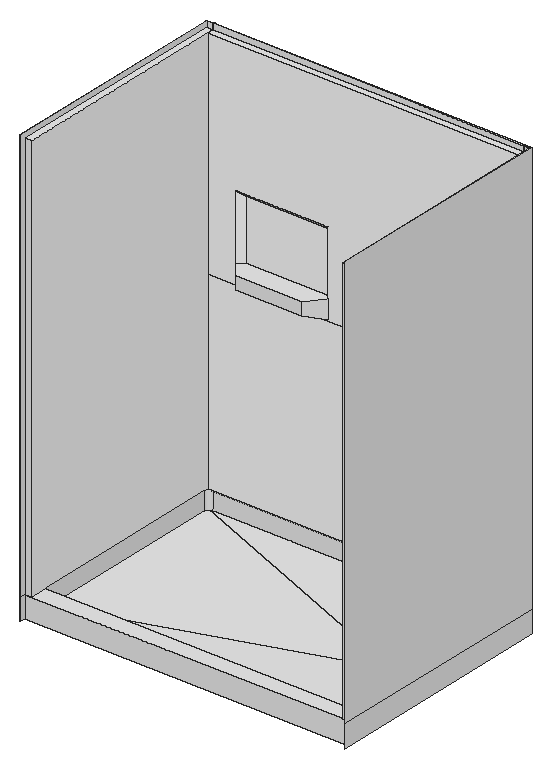
Revit family "5LBS6042.V2 L-R", category Plumbing Fixtures, Revit 2019
Family settings
  Round Connector Dimension = Use Diameter
  Part Type = Normal
  OmniClass Number = 23.45.05.14.17
  OmniClass Title = Showers
  Work Plane-Based = No
  Always vertical = Yes
  Cut with Voids When Loaded = No
  Shared = No
  Room Calculation Point = No
Parameters (values of type "5LBS6042.V2 L/R")
  Unit Width = 60"
  Unit Height = 80 1/2"
  Unit Depth = 43"
  URL = "http://www.bestbath.com/"
  Type Comments = "Remodeler"
  Model = "5LBS6042.V2 L/R"
  Material [instance] = Best Bath Gelcoat Fiberglass - 4x8 Subway Tile
  Manufacturer = "Best Bath Systems, Inc."
  Keynote = "22 40 00.B3"
  Description = "4 x8 Subway Tile"
  Assembly Code = "D2010710"
Reference planes (in)
  plane 1: z = 0
  plane 2 "Left": x = 0
  plane 3: z = 79.5
  plane 4: z = 80.5
  plane 5: y = 4.36165
  plane 6: y = 46.36165
  plane 7: x = 60
  plane 8: y = 45.11165
  plane 9: y = 25.36165
  plane 10: z = 0.375
  plane 11: z = 0.75
  plane 12: z = 39.5
  plane 13: z = 4
  plane 14: y = 3.36165
  plane 15: z = 43.125
  plane 16: x = 51
Forms (in)
  Extrusion 1, solid, material "Best Bath Gelcoat Fiberglass - Smooth"
    sketch origin (0, 0, 0) x (1, 0, 0) y (0, 1, 0)
      loop
        line (0, 4.36165) -> (60, 4.36165) -> (60, 46.36165) -> (0, 46.36165) -> (0, 4.36165)
      loop
        circle (51, 25.36165) r 1.625
    from 0 to 0.75
  Extrusion 2, solid, material "Best Bath Gelcoat Fiberglass - Smooth"
    sketch origin (0, 0, 0) x (1, 0, 0) y (0, 1, 0)
      loop
        line (1.25, 46.36165) -> (1.25, 45.11165) -> (58.75, 45.11165) -> (58.75, 46.36165) -> (1.25, 46.36165)
    from 4 to 39.5
  Blend 3, void
    base sketch origin (0, 0, 0) x (1, 0, 0) y (0, 1, 0)
      loop
        line (1.25, 8.38049) -> (58.75, 8.38049) -> (58.75, 45.11165) -> (1.25, 45.11165) -> (1.25, 8.38049)
    top sketch origin (0, 0, 0) x (1, 0, 0) y (0, 1, 0)
      loop
        circle (51, 25.36165) r 0.07952
    from 0.75 to 0.375
  Extrusion 4, solid, material "Best Bath Gelcoat Fiberglass - Smooth"
    sketch origin (0, 0, 0) x (1, 0, 0) y (0, 1, 0)
      loop
        line (1.25, 46.36165) -> (1.25, 45.11165) -> (58.75, 45.11165) -> (58.75, 46.36165) -> (1.25, 46.36165)
    from 39.5 to 79.5
  Extrusion 5, solid, material "Best Bath Gelcoat Fiberglass - Smooth"
    sketch origin (0.25, 0, 0) x (1, 0, 0) y (0, 1, 0)
      loop
        line (-0.25, 4.36165) -> (1, 4.36165) -> (1, 46.36165) -> (-0.25, 46.36165) -> (-0.25, 4.36165)
      loop
        line (59.75, 4.36165) -> (59.75, 46.36165) -> (58.5, 46.36165) -> (58.5, 4.36165) -> (59.75, 4.36165)
    from 4 to 79.5
  Extrusion 6, solid, material "Best Bath Gelcoat Fiberglass - Smooth"
    sketch origin (0, 0, 0) x (1, 0, 0) y (0, 1, 0)
      loop
        line (0, 46.36165) -> (0, 4.36165) -> (1.25, 4.36165) -> (1.25, 44.11165)
        arc (1.25, 44.11165) -> (1.54289, 44.81875) -> (2.25, 45.11165) r 1
        line (2.25, 45.11165) -> (57.75, 45.11165)
        arc (57.75, 45.11165) -> (58.45711, 44.81875) -> (58.75, 44.11165) r 1
        line (58.75, 44.11165) -> (58.75, 4.36165) -> (60, 4.36165) -> (60, 45.11165) -> (60, 46.36165) -> (0, 46.36165)
    from 0 to 4
  Sweep 7, solid, material "Best Bath Gelcoat Fiberglass - Smooth"
    path origin (0, 0, 0) x (1, 0, 0) y (0, 1, 0)
      loop
        line (1.25, 4.36165) -> (58.75, 4.36165)
    profile origin (30, 4.36165, 0) x (0, 1, 0) y (0, 0, 1)
      loop
        line (0, 0) -> (3.8, 0) -> (3, 4) -> (0, 4) -> (0, 0)
  Extrusion 8, solid, material "Best Bath Gelcoat Fiberglass - Smooth"
    sketch origin (0, 0, 0) x (1, 0, 0) y (0, 1, 0)
      loop
        line (0, 4.36165) -> (0, 3.36165) -> (0.125, 3.36165) -> (0.125, 4.36165) -> (0, 4.36165)
      loop
        line (60, 4.36165) -> (59.875, 4.36165) -> (59.875, 3.36165) -> (60, 3.36165) -> (60, 4.36165)
    from 0 to 4
  Extrusion 9, solid, material "Best Bath Gelcoat Fiberglass - Smooth"
    sketch origin (0, 0, 0) x (1, 0, 0) y (0, 1, 0)
      loop
        line (1.25, 46.36165) -> (1.25, 46.23665) -> (58.75, 46.23665) -> (58.75, 46.36165) -> (1.25, 46.36165)
    from 79.5 to 80.5
  Extrusion 10, solid, material "Best Bath Gelcoat Fiberglass - Smooth"
    sketch origin (0, 0, 0) x (1, 0, 0) y (0, 1, 0)
      loop
        line (0, 3.36165) -> (0.125, 3.36165) -> (0.125, 46.23665) -> (1.25, 46.23665) -> (1.25, 46.36165) -> (0, 46.36165) -> (0, 3.36165)
      loop
        line (60, 3.36165) -> (60, 46.36165) -> (58.75, 46.36165) -> (58.75, 46.23665) -> (59.875, 46.23665) -> (59.875, 3.36165) -> (60, 3.36165)
    from 4 to 80.5
  Blend 11, solid, material "Best Bath Gelcoat Fiberglass - Smooth"
    base sketch origin (-32.5625, -28, -0.375) x (1, 0, 0) y (0, 0, 1)
      loop
        line (56, 43.5) -> (39, 43.5) -> (39, 40.125) -> (56, 40.125) -> (56, 43.5)
    top sketch origin (-32.5625, -28, -0.375) x (1, 0, 0) y (0, 0, 1)
      loop
        line (41.375, 43.5) -> (41.375, 41.25) -> (53.625, 41.25) -> (53.625, 43.5) -> (41.375, 43.5)
    from -73.11165 to -70.11165
  Blend 12, void
    base sketch origin (-32.5625, -28.5, -0.375) x (1, 0, 0) y (0, 0, 1)
      loop
        line (39, 43.5) -> (56, 43.5) -> (56, 55.5) -> (39, 55.5) -> (39, 43.5)
    top sketch origin (-32.5625, -28.5, -0.375) x (1, 0, 0) y (0, 0, 1)
      loop
        line (40, 43.5) -> (55, 43.5) -> (55, 54.5) -> (40, 54.5) -> (40, 43.5)
    from -73.61165 to -74.61165
  Blend 13, void
    base sketch origin (92.5625, -28.5, -0.375) x (-1, 0, 0) y (0, 0, -1)
      loop
        line (39, -43.5) -> (39, -55.5) -> (56, -55.5) -> (56, -43.5) -> (39, -43.5)
    top sketch origin (92.5625, -28.5, -0.375) x (-1, 0, 0) y (0, 0, -1)
      loop
        line (40, -43.5) -> (40, -54.5) -> (55, -54.5) -> (55, -43.5) -> (40, -43.5)
    from -73.61165 to -74.61165
  Blend 14, solid, material "Best Bath Gelcoat Fiberglass - Smooth"
    base sketch origin (92.5625, -28, -0.375) x (-1, 0, 0) y (0, 0, -1)
      loop
        line (56, -43.5) -> (56, -40.125) -> (39, -40.125) -> (39, -43.5) -> (56, -43.5)
    top sketch origin (92.5625, -28, -0.375) x (-1, 0, 0) y (0, 0, -1)
      loop
        line (41.375, -43.5) -> (53.625, -43.5) -> (53.625, -41.25) -> (41.375, -41.25) -> (41.375, -43.5)
    from -73.11165 to -70.11165
Cuts and joins
  Blend 3 cuts Extrusion 1
  joined: Extrusion 1, Extrusion 6, Sweep 7, Extrusion 8
  Blend 12, Blend 13 cuts Extrusion 4
  Blend 12, Blend 13 cuts Extrusion 9
  Blend 13 cuts Blend 11
  joined: Extrusion 4, Extrusion 9, Blend 11, Blend 14
  joined: Extrusion 5, Extrusion 10
Dimensions and locks (in)
  locked: plane 4 to plane 3 at 1
  "Unit Height": plane 4 to level
  "Unit Width": plane 2 "Left" to plane 7
  plane 6 to plane 8 = 1 1/4"
  locked: plane 6 to plane 9 at 21
  locked: plane 11 to level at 0.75
  locked: plane 11 to plane 10 at 0.375
  locked: plane 12 to plane 13 at 35.5
  plane 13 to level = 4"
  locked: plane 5 to plane 14 at 1
  "Unit Depth": plane 6 to plane 14
  locked: plane 15 to plane 12 at 3.625
  cut or joined group of Extrusion 1, Blend 3, Extrusion 6, Sweep 7, Extrusion 8 to plane 5 = 3"
  locked: plane 16 to plane 7 at 9
  aligned and locked: level to plane 1
  aligned and locked: Extrusion 1 sketch curve to plane 5
  aligned and locked: Extrusion 1 sketch curve to plane 2 "Left"
  aligned and locked: plane 6 to Extrusion 1 sketch curve
  aligned and locked: Extrusion 1 sketch curve to plane 7
  aligned and locked: plane 9 to Extrusion 1 sketch curve
  aligned and locked: plane 11 to Extrusion 1
  aligned and locked: plane 9 to Blend 3 sketch curve
  aligned and locked: Extrusion 1 to Blend 3
  aligned and locked: Blend 3 to plane 10
  aligned and locked: plane 12 to Extrusion 2
  aligned and locked: Extrusion 4 to Extrusion 2
  aligned and locked: plane 3 to Extrusion 4
  aligned and locked: plane 3 to Extrusion 5
  aligned and locked: plane 13 to Extrusion 6
  aligned and locked: Extrusion 5 to plane 13
  aligned and locked: plane 13 to cut or joined group of Extrusion 1, Blend 3, Extrusion 6, Sweep 7, Extrusion 8
  aligned and locked: Extrusion 2 to plane 13
  aligned and locked: Extrusion 8 to Extrusion 2
  aligned and locked: Extrusion 9 to plane 3
  aligned and locked: plane 4 to Extrusion 9
  aligned and locked: Extrusion 10 to Extrusion 2
  aligned and locked: plane 4 to Extrusion 10
  aligned and locked: plane 15 to Blend 11
  aligned and locked: cut or joined group of Extrusion 4, Extrusion 9, Blend 11, Blend 12, Blend 13, Blend 14 to plane 15
  aligned and locked: plane 16 to Extrusion 1 sketch curve
  aligned and locked: plane 16 to Blend 3 sketch curve
Automatic sketch dimensions
  Extrusion 2 sketch curve to plane 8 = 0"
  Extrusion 2 sketch curve to plane 6 = 0"
  plane 2 "Left" to Extrusion 2 sketch curve = 1 1/4"
  plane 7 to Extrusion 2 sketch curve = 1 1/4"
  Blend 3 sketch curve to plane 8 = 0"
  plane 2 "Left" to Blend 3 sketch curve = 1 1/4"
  plane 7 to Blend 3 sketch curve = 1 1/4"
  plane 5 to Blend 3 sketch curve = 4.01884"
  Extrusion 4 sketch curve to plane 8 = 0"
  Extrusion 4 sketch curve to plane 6 = 0"
  plane 2 "Left" to Extrusion 4 sketch curve = 1 1/4"
  plane 7 to Extrusion 4 sketch curve = 1 1/4"
  Extrusion 5 sketch curve to plane 2 "Left" = 0"
  Extrusion 5 sketch curve to plane 5 = 0"  (x2)
  Extrusion 5 sketch curve to plane 6 = 0"  (x2)
  Extrusion 5 sketch curve to plane 7 = 0"
  Extrusion 5 sketch curve to Extrusion 5 sketch curve = 1 1/4"
  Extrusion 6 sketch curve to plane 2 "Left" = 0"
  Extrusion 6 sketch curve to plane 5 = 0"  (x2)
  Extrusion 6 sketch curve to plane 8 = 0"  (x2)
  Extrusion 6 sketch curve to plane 7 = 0"
  Extrusion 6 sketch curve to plane 6 = 0"
  Extrusion 6 sketch curve to Extrusion 6 sketch curve = 1 1/4"
  Extrusion 6 sketch curve to Extrusion 6 sketch curve = 1"
  Extrusion 6 sketch curve to plane 8 = 1"
  plane 7 to Extrusion 6 sketch curve = 2 1/4"
  Sweep 7 sketch curve to plane 5 = 0"
  plane 2 "Left" to Sweep 7 sketch curve = 1 1/4"
  plane 7 to Sweep 7 sketch curve = 1 1/4"
  Sweep 7 sketch curve to profile plane = 0"
  Sweep 7 sketch curve to level = 0"
  Sweep 7 sketch curve to profile plane = 3.8"
  level to Sweep 7 sketch curve = 4"
  Extrusion 8 sketch curve to plane 2 "Left" = 0"
  Extrusion 8 sketch curve to plane 14 = 0"  (x2)
  Extrusion 8 sketch curve to plane 5 = 0"  (x2)
  Extrusion 8 sketch curve to plane 7 = 0"
  plane 2 "Left" to Extrusion 8 sketch curve = 1/8"
  Extrusion 8 sketch curve to Extrusion 8 sketch curve = 1/8"
  Extrusion 9 sketch curve to plane 6 = 0"
  Extrusion 9 sketch curve to plane 6 = 1/8"
  plane 2 "Left" to Extrusion 9 sketch curve = 1 1/4"
  plane 7 to Extrusion 9 sketch curve = 1 1/4"
  Blend 11 sketch curve to plane 15 = 0"  (x2)
  plane 2 "Left" to Blend 11 sketch curve = 6 7/16"
  plane 12 to Blend 11 sketch curve = 1/4"
  plane 12 to Blend 11 sketch curve = 1 3/8"
  plane 2 "Left" to Blend 11 sketch curve = 8 13/16"
  Blend 12 sketch curve to plane 15 = 0"  (x2)
  plane 2 "Left" to Blend 12 sketch curve = 6 7/16"
  Blend 12 sketch curve to Blend 12 sketch curve = 12"
  plane 2 "Left" to Blend 12 sketch curve = 7 7/16"
  Blend 12 sketch curve to Blend 12 sketch curve = 11"
  Blend 13 sketch curve to plane 15 = 0"  (x2)
  plane 7 to Blend 13 sketch curve = 6 7/16"
  Blend 13 sketch curve to Blend 13 sketch curve = 12"
  plane 7 to Blend 13 sketch curve = 7 7/16"
  Blend 13 sketch curve to Blend 13 sketch curve = 11"
  Blend 14 sketch curve to plane 15 = 0"  (x2)
  plane 7 to Blend 14 sketch curve = 6 7/16"
  plane 12 to Blend 14 sketch curve = 1/4"
  plane 12 to Blend 14 sketch curve = 1 3/8"
  plane 7 to Blend 14 sketch curve = 8 13/16"
  plane 7 to Extrusion 5 sketch curve = 1 1/4"
  Extrusion 10 sketch curve to plane 2 "Left" = 0"
  Extrusion 10 sketch curve to plane 14 = 0"  (x2)
  Extrusion 10 sketch curve to plane 6 = 0"  (x2)
  Extrusion 10 sketch curve to plane 7 = 0"
  plane 2 "Left" to Extrusion 10 sketch curve = 1/8"
  Extrusion 10 sketch curve to plane 6 = 1/8"  (x2)
  Extrusion 10 sketch curve to Extrusion 10 sketch curve = 1 1/8"
  plane 7 to Extrusion 10 sketch curve = 1 1/4"
  plane 7 to Extrusion 10 sketch curve = 1/8"
  Sweep 7 sketch curve to profile plane = 3"
  Blend 11 sketch curve to Blend 11 sketch curve = 17"
  Blend 11 sketch curve to Blend 11 sketch curve = 12 1/4"
  Blend 12 sketch curve to Blend 12 sketch curve = 17"
  Blend 12 sketch curve to Blend 12 sketch curve = 15"
  Blend 13 sketch curve to Blend 13 sketch curve = 17"
  Blend 13 sketch curve to Blend 13 sketch curve = 15"
  Blend 14 sketch curve to Blend 14 sketch curve = 17"
  Blend 14 sketch curve to Blend 14 sketch curve = 12 1/4"
  radius of Extrusion 1 sketch curve = 1 5/8"
  radius of Blend 3 sketch curve = 0.07952"
